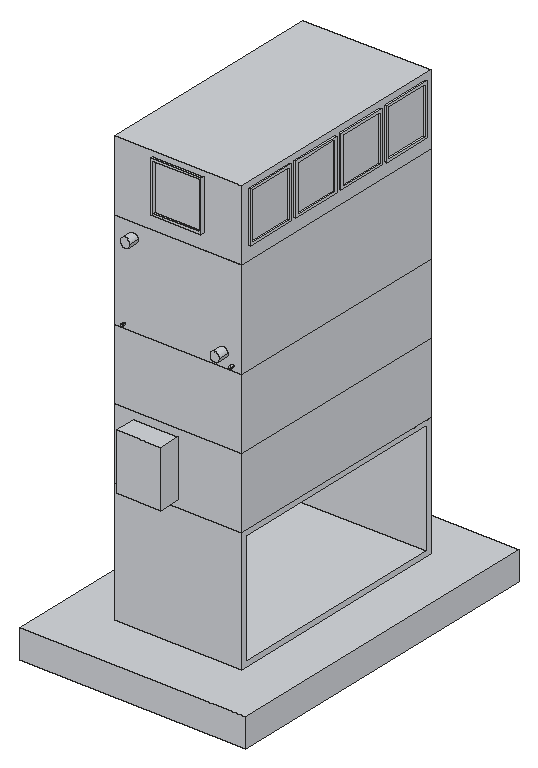
Revit family
Parameters
  Voltage [instance] = 480 V
  Unit Weight (lbs) = 4350
  Type Filter [instance] = "V-Bank"
  Type Fan [instance] = ""
  Type Coil = "CW"
  Type Blower [instance] = ""
  Total Static Pressure [instance] = 0.00 in-wg
  Total Cooling Capacity [instance] = 0.0 Btu/h
  Temperature Drop [instance] = 0 °F
  Supply Offset = 0' - 4"
  Supply Air Pressure Drop [instance] = 0.00 in-wg
  Supply Air Outlet Flow [instance] = 0 CFM
  Supply Air Inlet Flow [instance] = 0 CFM
  Supply = 1' - 1"
  URL = "http://appliedair.com/index.asp"
  Size Grilles [instance] = "20x20"
  Size Filters [instance] = "20x20x2"
  Size Blowers [instance] = "18\" x 13\""
  Series = "IFA"
  Rows Deep/FPI [instance] = "4/6"
  Right Coil Vertical Offset = 0' - 6"
  Right Coil Horizontal Offset = 0' - 8"
  Return Width Individual Opening = 2' - 7"
  Return Width = Nominal Length - 0' 4"  # 8' - 0"
  Return Height = 4' - 0"
  Return Air Pressure Drop [instance] = 0.00 in-wg
  Return Air Inlet Flow [instance] = 0 CFM
  Product URL = "http://appliedair.com/ifa.asp"
  Phase [instance] = 3
  OmniClass = "23-75 10 24 21 27 11"
  Number of Poles [instance] = 3
  Number of Motors [instance] = 0
  Number of Grills [instance] = 6
  Number of Filters [instance] = 30
  Number of Coils = 2
  Number of Blowers [instance] = 3
  Nominal Width = 4' - 6"
  Nominal Length = 8' - 4"
  Nominal Height = 15' - 4"
  Nominal Cooling Capacity Tons = 0
  Motor Amps [instance] = 0 A
  Model = "175 Cooling Only"
  Manufacturer = "Applied Air"
  Left Coil Vertical Offset = 0' - 6"
  Left Coil Horizontal Offset = 0' - 8"
  Leaving Water Temperature = 0 °F
  Grilles Height = 1' - 8"
  Grilles Width = 1' - 8"
  G = 2' - 6"
  Frequency = 60 Hz
  Feet Pressure Drop [instance] = 0' - 0"
  Face Velocity (FPM) [instance] = 0
  F = 3' - 6"
  Entering Water Temperature [instance] = 0 °F
  E = 2' - 6"
  Drain Vertical Offset = 0' - 2"
  Drain Radius = 0' - 0 1/2"
  Drain Pressure Drop [instance] = 0.00 psi
  Drain Horizontal Offset = 0' - 4"
  Drain Flow [instance] = 0 GPM
  Disconnect Switch = yes
  Description = "Cooling Coil Air Turnover System"
  Default Elevation = 0' - 0"
  D = 2' - 6"
  Cooling Sensible Capacity [instance] = 0 Btu/h
  Cooling Leaving Air Temperature Wet Bulb [instance] = 0 °F
  Cooling Leaving Air Temperature Dry Bulb [instance] = 0 °F
  Cooling Entering Air Temperature Wet Bulb [instance] = 0 °F
  Cooling Entering Air Temperature Dry Bulb [instance] = 0 °F
  Control Cabinet Offset = 0' - 9 3/256"
  Coil Radius = 0' - 2"
  Coil Offset = 0' - 4 51/256"
  Coil Face Area [instance] = if(Choose Coil Option = 1, 14.67 SF, if(Choose Coil Option = 2, 18.34 SF, if(Choose Coil Option = 3, 20.17 SF, 0.00 SF)))  # 14.67 SF
  Coil Air Pressure Drop [instance] = 0
  Choose Coil Option = 1
  Chilled Water Pressure [instance] = 0.00 in-wg
  Chilled Water Flow [instance] = 0 GPM
  C = 4' - 4"
  Blower Motor Horsepower [instance] = 0
  Assembly Code = "D3030200"
  Apparent Power [instance] = (Motor Amps * Number of Motors) * Voltage * sqrt(3)  # 0 VA
  Ambient Temperature [instance] = 0 °F
  33x88 Coils = Choose Coil Option = 3  # no
  30x88 Coils = Choose Coil Option = 2  # no
  24x88 Coils = Choose Coil Option = 1  # yes
Reference planes (in)
  plane 1 "Center (Front/Back)": y = 0
  plane 2: z = 0
  plane 3 "Center (Left/Right)": x = 0
  plane 4: z = 52
  plane 5: z = 82
  plane 6: z = 112
  plane 7: z = 154
  plane 8: z = 184
  plane 9: y = 50
  plane 10: y = -50
  plane 11: x = 27
  plane 12: x = -27
  plane 13: z = 171
  plane 14: y = -51.2
  plane 15: y = 51.2
  plane 16: x = 28.1875
  plane 17: x = 19
  plane 18: x = -19
  plane 19: z = 118
  plane 20: z = 148
  plane 21: y = -54.19922
  plane 22: z = 79
  plane 23: z = 55
  plane 24: y = -59.01172
  plane 25: z = 114
  plane 26: x = 23
  plane 27: x = -23
Forms (in)
  Extrusion 1, solid
    sketch origin (0, 0, 0) x (1, 0, 0) y (0, 1, 0)
      loop
        line (-48, 70.58401) -> (-48, -73.9399) -> (48, -73.9399) -> (48, 70.58401) -> (-48, 70.58401)
    from 0 to -12
  Extrusion 2, solid
    sketch origin (0, 50, 0) x (1, 0, 0) y (0, 0, 1)
      loop
        line (-27, 0) -> (27, 0) -> (27, 52) -> (-27, 52) -> (-27, 0)
    from 0 to 100
  Extrusion 3, solid
    sketch origin (0, 50, 52) x (1, 0, 0) y (0, 0, 1)
      loop
        line (-27, 0) -> (27, 0) -> (27, 30) -> (-27, 30) -> (-27, 0)
    from 0 to 100
  Extrusion 4, solid
    sketch origin (0, 50, 82) x (1, 0, 0) y (0, 0, 1)
      loop
        line (-27, 0) -> (27, 0) -> (27, 30) -> (-27, 30) -> (-27, 0)
    from 0 to 100
  Extrusion 5, solid
    sketch origin (0, 50, 112) x (1, 0, 0) y (0, 0, 1)
      loop
        line (-27, 0) -> (27, 0) -> (27, 42) -> (-27, 42) -> (-27, 0)
    from 0 to 100
  Extrusion 6, solid
    sketch origin (0, 50, 154) x (1, 0, 0) y (0, 0, 1)
      loop
        line (-27, 0) -> (27, 0) -> (27, 30) -> (-27, 30) -> (-27, 0)
    from 0 to 100
  Extrusion 7, solid
    sketch origin (0, 0, 0) x (1, 0, 0) y (0, 0, 1)
      loop
        line (-10, 181) -> (-10, 161) -> (10, 161) -> (10, 181) -> (-10, 181)
      loop
        line (-10.75, 160.25) -> (10.75, 160.25) -> (10.75, 181.75) -> (-10.75, 181.75) -> (-10.75, 160.25)
    from 50 to 51.2
  Extrusion 8, solid
    sketch origin (0, 0, 0) x (1, 0, 0) y (0, 0, -1)
      loop
        line (-10, -181) -> (10, -181) -> (10, -161) -> (-10, -161) -> (-10, -181)
      loop
        line (-10.75, -160.25) -> (-10.75, -181.75) -> (10.75, -181.75) -> (10.75, -160.25) -> (-10.75, -160.25)
    from 50 to 51.2
  Extrusion 9, solid
    sketch origin (0, 0, 0) x (0, 1, 0) y (0, 0, 1)
      loop
        line (-46, 181) -> (-46, 161) -> (-26, 161) -> (-26, 181) -> (-46, 181)
      loop
        line (-22, 181) -> (-22, 161) -> (-2, 161) -> (-2, 181) -> (-22, 181)
      loop
        line (2, 181) -> (2, 161) -> (22, 161) -> (22, 181) -> (2, 181)
      loop
        line (26, 181) -> (26, 161) -> (46, 161) -> (46, 181) -> (26, 181)
      loop
        line (-46.75, 160.25) -> (-25.25, 160.25) -> (-25.25, 181.75) -> (-46.75, 181.75) -> (-46.75, 160.25)
      loop
        line (-22.75, 160.25) -> (-1.25, 160.25) -> (-1.25, 181.75) -> (-22.75, 181.75) -> (-22.75, 160.25)
      loop
        line (22.75, 160.25) -> (22.75, 181.75) -> (1.25, 181.75) -> (1.25, 160.25) -> (22.75, 160.25)
      loop
        line (25.25, 160.25) -> (46.75, 160.25) -> (46.75, 181.75) -> (25.25, 181.75) -> (25.25, 160.25)
    from 27 to 28.1875
  Extrusion 10, void
    sketch origin (0, 0, 0) x (0, 1, 0) y (0, 0, 1)
      loop
        line (-48, 2) -> (48, 2) -> (48, 50) -> (-48, 50) -> (-48, 2)
    from -27 to 27
  Extrusion 11, solid
    sketch origin (0, 0, 0) x (1, 0, 0) y (0, 0, 1)
      loop
        circle (-19, 148) r 2
      loop
        circle (19, 118) r 2
    from 50 to 54.19922
  Extrusion 12, solid
    sketch origin (0, 0, 0) x (1, 0, 0) y (0, 0, 1)
      loop
        line (-19, 55) -> (0, 55) -> (0, 79) -> (-19, 79) -> (-19, 55)
    from 50 to 59.01172
  Extrusion 13, solid
    sketch origin (0, 0, 0) x (1, 0, 0) y (0, 0, 1)
      loop
        circle (23, 114) r 0.5
      loop
        circle (-23, 114) r 0.5
    from 50 to 51.2
  Extrusion 14, solid
    sketch origin (0, 0, 0) x (1, 0, 0) y (0, 0, 1)
      loop
        line (-23, 80) -> (-23, 54) -> (23, 54) -> (23, 80) -> (-23, 80)
    from -51.2 to -50
Cuts and joins
  Extrusion 10 cuts Extrusion 2
Dimensions and locks (in)
  "C": plane 4 to plane 2
  "D": plane 5 to plane 4
  "E": plane 6 to plane 5
  "F": plane 7 to plane 6
  "G": plane 8 to plane 7
  locked: plane 14 to plane 10 at 1.2
  locked: plane 9 to plane 15 at 1.2
  "Nominal Length": plane 10 to plane 9
  "Nominal Width": plane 12 to plane 11
  equal spacing: plane 12, plane 3 "Center (Left/Right)", plane 11
  plane 8 to plane 2 = 15' - 4"
  locked: plane 11 to plane 16 at 1.1875
  "Supply": plane 8 to plane 13
  "Return Height": Extrusion 10 sketch curve to Extrusion 10 sketch curve
  "Right Coil Horizontal Offset": plane 17 to plane 11
  "Left Coil Horizontal Offset": plane 12 to plane 18
  "Right Coil Vertical Offset": plane 19 to plane 6
  "Left Coil Vertical Offset": plane 7 to plane 20
  locked: Extrusion 11 sketch curve to plane 18 at 0
  locked: Extrusion 11 sketch curve to plane 17 at 0
  locked: Extrusion 11 sketch curve to plane 19 at 0
  locked: Extrusion 11 sketch curve to plane 20 at 0
  "Coil Offset": plane 21 to plane 10
  locked: Extrusion 12 sketch curve to Extrusion 12 sketch curve at 19
  locked: plane 22 to plane 23 at 24
  locked: plane 5 to plane 22 at 3
  "Control Cabinet Offset": plane 24 to plane 10
  "Drain Vertical Offset": plane 25 to plane 6
  "Drain Horizontal Offset": plane 26 to plane 11
  "Drain Horizontal Offset": plane 12 to plane 27
  locked: Extrusion 13 sketch curve to plane 25 at 0  (x2)
  locked: Extrusion 13 sketch curve to plane 27 at 0
  locked: Extrusion 13 sketch curve to plane 26 at 0
  "Supply Offset": Extrusion 9 sketch curve to Extrusion 9 sketch curve  (x3)
  "Grilles Height": Extrusion 9 sketch curve to Extrusion 9 sketch curve  (x8)
  "Supply Offset": plane 10 to Extrusion 9 sketch curve
  equal spacing: Extrusion 9 sketch curve, plane 13, Extrusion 9 sketch curve  (x4)
  "Grilles Height": Extrusion 7 sketch curve to Extrusion 7 sketch curve  (x2)
  equal spacing: Extrusion 7 sketch curve, plane 13, Extrusion 7 sketch curve
  equal spacing: Extrusion 7 sketch curve, plane 3 "Center (Left/Right)", Extrusion 7 sketch curve
  equal spacing: Extrusion 8 sketch curve, plane 13, Extrusion 8 sketch curve
  "Grilles Height": Extrusion 8 sketch curve to Extrusion 8 sketch curve  (x2)
  equal spacing: Extrusion 8 sketch curve, plane 3 "Center (Left/Right)", Extrusion 8 sketch curve
  locked: Extrusion 14 sketch curve to plane 27 at 0
  locked: Extrusion 14 sketch curve to plane 26 at 0
  locked: Extrusion 14 sketch curve to plane 4 at 2
  locked: Extrusion 14 sketch curve to plane 5 at 2
  equal spacing: plane 10, plane 1 "Center (Front/Back)", plane 9
  "Coil Radius": radius of Extrusion 11 sketch curve  (x2)
  "Drain Radius": radius of Extrusion 13 sketch curve  (x2)
  aligned and locked: plane 2 to Extrusion 1
  aligned and locked: level to Extrusion 1
  aligned and locked: Extrusion 2 to plane 2
  aligned and locked: Extrusion 2 to plane 4
  aligned and locked: plane 4 to Extrusion 3
  aligned and locked: plane 5 to Extrusion 3
  aligned and locked: Extrusion 4 to plane 5
  aligned and locked: plane 6 to Extrusion 4
  aligned and locked: Extrusion 5 to plane 6
  aligned and locked: plane 7 to Extrusion 5
  aligned and locked: plane 8 to Extrusion 6
  aligned and locked: Extrusion 6 to plane 7
  aligned and locked: plane 9 to Extrusion 2
  aligned and locked: Extrusion 3 to plane 9
  aligned and locked: Extrusion 4 to plane 9
  aligned and locked: Extrusion 5 to plane 9
  aligned and locked: Extrusion 6 to plane 9
  aligned and locked: plane 10 to Extrusion 2
  aligned and locked: plane 10 to Extrusion 3
  aligned and locked: plane 10 to Extrusion 4
  aligned and locked: plane 10 to Extrusion 5
  aligned and locked: plane 10 to Extrusion 6
  aligned and locked: plane 11 to Extrusion 6
  aligned and locked: Extrusion 5 to plane 11
  aligned and locked: Extrusion 4 to plane 11
  aligned and locked: plane 11 to Extrusion 3
  aligned and locked: Extrusion 2 to plane 11
  aligned and locked: plane 12 to Extrusion 6
  aligned and locked: plane 12 to Extrusion 5
  aligned and locked: plane 12 to Extrusion 4
  aligned and locked: plane 12 to Extrusion 3
  aligned and locked: plane 12 to Extrusion 2
  aligned and locked: plane 14 to Extrusion 7
  aligned and locked: Extrusion 7 to plane 10
  aligned and locked: Extrusion 8 to plane 15
  aligned and locked: plane 11 to Extrusion 9
  aligned and locked: Extrusion 9 to plane 16
  aligned and locked: Extrusion 2 to Extrusion 10  (x2)
  aligned and locked: Extrusion 11 to plane 10
  aligned and locked: plane 21 to Extrusion 11
  aligned and locked: plane 22 to Extrusion 12 sketch curve
  aligned and locked: Extrusion 12 sketch curve to plane 23
  aligned and locked: Extrusion 12 to plane 10
  aligned and locked: plane 24 to Extrusion 12
  aligned and locked: plane 14 to Extrusion 13
  aligned and locked: Extrusion 4 to Extrusion 13
  aligned and locked: plane 15 to Extrusion 14
  aligned and locked: Extrusion 14 to Extrusion 3
Automatic sketch dimensions
  Extrusion 1 sketch curve to Extrusion 1 sketch curve = 8' - 0"
  Extrusion 1 sketch curve to Extrusion 1 sketch curve = 12' - 0.52391"
  Extrusion 2 sketch curve to level = 0' - 0"
  Extrusion 2 sketch curve to plane 12 = 0' - 0"
  Extrusion 2 sketch curve to plane 4 = 0' - 0"
  Extrusion 2 sketch curve to plane 11 = 0' - 0"
  Extrusion 3 sketch curve to plane 4 = 0' - 0"
  Extrusion 3 sketch curve to plane 12 = 0' - 0"
  Extrusion 3 sketch curve to plane 5 = 0' - 0"
  Extrusion 3 sketch curve to plane 11 = 0' - 0"
  Extrusion 4 sketch curve to plane 5 = 0' - 0"
  Extrusion 4 sketch curve to plane 12 = 0' - 0"
  Extrusion 4 sketch curve to plane 6 = 0' - 0"
  Extrusion 4 sketch curve to plane 11 = 0' - 0"
  Extrusion 5 sketch curve to plane 6 = 0' - 0"
  Extrusion 5 sketch curve to plane 12 = 0' - 0"
  Extrusion 5 sketch curve to plane 7 = 0' - 0"
  Extrusion 5 sketch curve to plane 11 = 0' - 0"
  Extrusion 6 sketch curve to plane 7 = 0' - 0"
  Extrusion 6 sketch curve to plane 12 = 0' - 0"
  Extrusion 6 sketch curve to plane 8 = 0' - 0"
  Extrusion 6 sketch curve to plane 11 = 0' - 0"
  Extrusion 12 sketch curve to plane 3 "Center (Left/Right)" = 0' - 0"
  Extrusion 9 sketch curve to Extrusion 9 sketch curve = 0' - 0 3/4"  (x16)
  Extrusion 7 sketch curve to Extrusion 7 sketch curve = 0' - 0 3/4"  (x4)
  Extrusion 8 sketch curve to Extrusion 8 sketch curve = 0' - 0 3/4"  (x4)
  Extrusion 10 sketch curve to plane 10 = 0' - 2"
  plane 9 to Extrusion 10 sketch curve = 0' - 2"
  level to Extrusion 10 sketch curve = 0' - 2"
Connectors (in)
  piping at (-19, -54.19922, 148), driven by "Coil Radius", driven by "Chilled Water Flow", driven by "Chilled Water Pressure"
    settings: on Extrusion 11, index 1
  piping at (19, -54.19922, 118), driven by "Coil Radius", driven by "Chilled Water Flow", driven by "Chilled Water Pressure"
    settings: on Extrusion 11, index 2
  hvac at (27, 0, 26), driven by "Return Height", driven by "Return Width", driven by "Return Air Inlet Flow"
    settings: on cut or joined group of Extrusion 2, Extrusion 10, index 3
  hvac at (-27, 0, 26), driven by "Return Height", driven by "Return Width", driven by "Supply Air Inlet Flow"
    settings: on cut or joined group of Extrusion 2, Extrusion 10, index 4
  piping at (23, -51.2, 114), driven by "Drain Radius", driven by "Drain Flow"
    settings: on Extrusion 13, index 6
  piping at (-23, -51.2, 114), driven by "Drain Radius", driven by "Drain Flow"
    settings: on Extrusion 13, index 7
  hvac at (0, -50, 171), driven by "Grilles Height", driven by "Grilles Width", driven by "Supply Air Outlet Flow"
    settings: on Extrusion 7, index 8
  hvac at (27, -36, 171), driven by "Grilles Height", driven by "Grilles Width", driven by "Supply Air Outlet Flow"
    settings: on Extrusion 9, index 9
  hvac at (27, 12, 171), driven by "Grilles Height", driven by "Grilles Width", driven by "Supply Air Outlet Flow"
    settings: on Extrusion 9, index 10
  hvac at (27, 36, 171), driven by "Grilles Height", driven by "Grilles Width"
    settings: on Extrusion 9, index 11
  hvac at (27, -12, 171), driven by "Grilles Height", driven by "Grilles Width", driven by "Supply Air Outlet Flow"
    settings: on Extrusion 9, index 12
  hvac at (0, 50, 171), driven by "Grilles Height", driven by "Grilles Width", driven by "Supply Air Outlet Flow"
    settings: on Extrusion 8, index 13
  electrical at (23, 50.6, 67), driven by "Number of Poles", driven by "Voltage", driven by "Apparent Power"
    settings: on Extrusion 14, index 14
